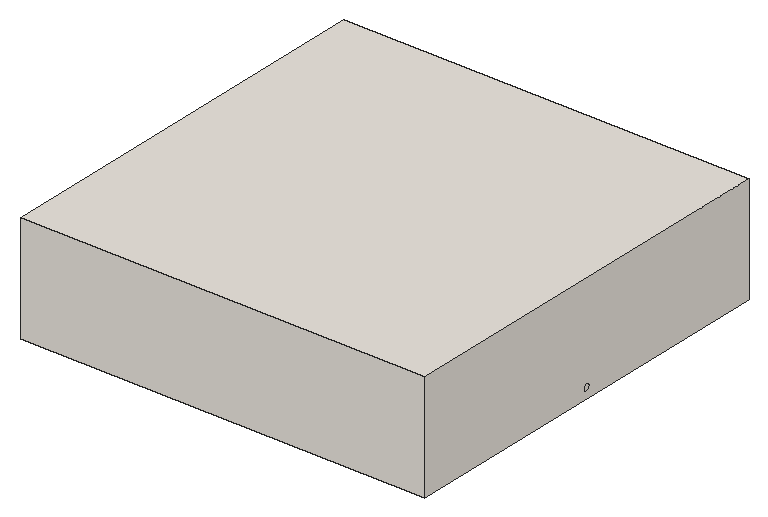
Revit family "Electronics_Masking-Loudspeakers_Biamp_Cambridge_Window-Door-Wall-Masker_DS2500__", category Communication Devices, host Face, Revit 2020
Family settings
  Host = Face
  Maintain Annotation Orientation = No
  Round Connector Dimension = Use Diameter
  Part Type = Normal
  OmniClass Number = 23.85.10.11.11
  OmniClass Title = Sound and Signal Devices
  Cut with Voids When Loaded = No
  Shared = No
  Room Calculation Point = No
Parameters (values of type "DS2500 Beige")
  Width = 5.00"  # constant formula
  Weight = 2.00 lbf  # constant formula
  URL = "https://www.biamp.com/"
  Transformer = "Primary 70.7v, Secondary 8 Ohms, Switch Positions: 1/8,1/4, 1/2,1,2,4 watts"  # constant formula
  Product data url = "https://www.bimobject.com/biamp/product/ds2500-series_masking-loudspeaker"
  Product Page URL = "https://www.biamp.com/products/product-families/cambridge/masking-loudspeakers#ds2500-series"
  Product Documentation Link = "https://downloads.biamp.com/assets/docs/default-source/data-sheets/biamp_data_sheet_dynasound_ds2500_mar21.pdf"
  Model = "DS2500"  # constant formula
  Manufacturer = "Biamp"  # constant formula
  Housing Material = Biamp - Plastic - Beige
  Height = 1.33984"  # constant formula
  Driver = "Non-conventional security type"  # constant formula
  Description = "Dynasound® DS2500 Window, Door, Wall Masker for SCIF / Secure Room"  # constant formula
  Depth = 5.00"  # constant formula
  Default Elevation = 48.00"
  Assembly Code = ""
Types (3): name | Housing Material
  (no name) | Biamp - Plastic - Beige
  DS2500 Black | Biamp - Plastic - Black
  DS2500 Beige | Biamp - Plastic - Beige
Reference planes (in)
  plane 1 "Center (Front/Back)": y = 0
  plane 2: z = 0
  plane 3 "Center (Left/Right)": x = 0
  plane 4: x = -2.5
  plane 5: x = 2.5
  plane 6: y = 2.5
  plane 7: y = -2.5
  plane 8: z = 1.33984
Forms (in)
  Extrusion 1, solid, material "Biamp - Plastic - Beige" <- "Housing Material"
    sketch origin (0, 0, 0) x (1, 0, 0) y (0, 1, 0)
      loop
        line (-2.5, 2.5) -> (-2.5, -2.5) -> (2.5, -2.5) -> (2.5, 2.5) -> (-2.5, 2.5)
    from 0 to 1.33984
  Extrusion 2, void
    sketch origin (0, 0, 0) x (0, 1, 0) y (0, 0, 1)
      loop
        circle (0, 0.12573) r 0.04544
    from 2.49092 to 2.5
Cuts and joins
  Extrusion 2 cuts Extrusion 1
Lines and regions (in)
  Masking region 1
    outline origin (0, 0, 0) x (1, 0, 0) y (0, 0, 1)
      loop
        line (2.5, 0) -> (2.5, 1.33984) -> (-2.5, 1.33984) -> (-2.5, 0) -> (2.5, 0)
  Masking region 2
    outline origin (0, 0, 0) x (1, 0, 0) y (0, 1, 0)
      loop
        line (-2.5, 2.5) -> (-2.5, -2.5) -> (2.5, -2.5) -> (2.5, 2.5) -> (-2.5, 2.5)
Dimensions and locks (in)
  equal spacing: plane 4, plane 3 "Center (Left/Right)", plane 5
  equal spacing: plane 6, plane 1 "Center (Front/Back)", plane 7
  "Depth": plane 6 to plane 7
  "Width": plane 4 to plane 5
  "Height": plane 8 to plane 2
  aligned and locked: plane 2 to host face
  aligned and locked: level to host face
  aligned and locked: Extrusion 1 sketch curve to plane 6
  aligned and locked: plane 4 to Extrusion 1 sketch curve
  aligned and locked: plane 7 to Extrusion 1 sketch curve
  aligned and locked: Extrusion 1 sketch curve to plane 5
  aligned and locked: plane 8 to Extrusion 1
  aligned and locked: plane 5 to Masking region 1 sketch curve
  aligned and locked: plane 8 to Masking region 1 sketch curve
  aligned and locked: plane 4 to Masking region 1 sketch curve
  aligned and locked: level to Masking region 1 sketch curve
Automatic sketch dimensions
  host sketch curve to host sketch curve = 96.00"  (x2)
  Extrusion 2 sketch curve to plane 1 "Center (Front/Back)" = 0.00"
  level to Extrusion 2 sketch curve = 0.12573"
  Masking region 2 sketch curve to plane 4 = 0.00"
  Masking region 2 sketch curve to plane 5 = 0.00"
  Masking region 2 sketch curve to plane 7 = 0.00"
  Masking region 2 sketch curve to plane 6 = 0.00"
  radius of Extrusion 2 sketch curve = 0.04544"
Connectors (in)
  electrical at (2.49092, 0, 0.12573), driven by "Transformer"
    settings: on cut or joined group of Extrusion 1, Extrusion 2, index 1, voltage 0 V, apparent load 0 VA, apparent load phase1 0 VA, apparent load phase2 0 VA, apparent load phase3 0 VA, power factor 1, load classification "Other", number of poles 1, system type 5, power factor state 1, is connector primary yes, connector utility no, sub classification motor no, connector description "Primary 70.7v, Secondary 8 Ohms, Switch Positions: 1/8,1/4, 1/2,1,2,4 watts"
